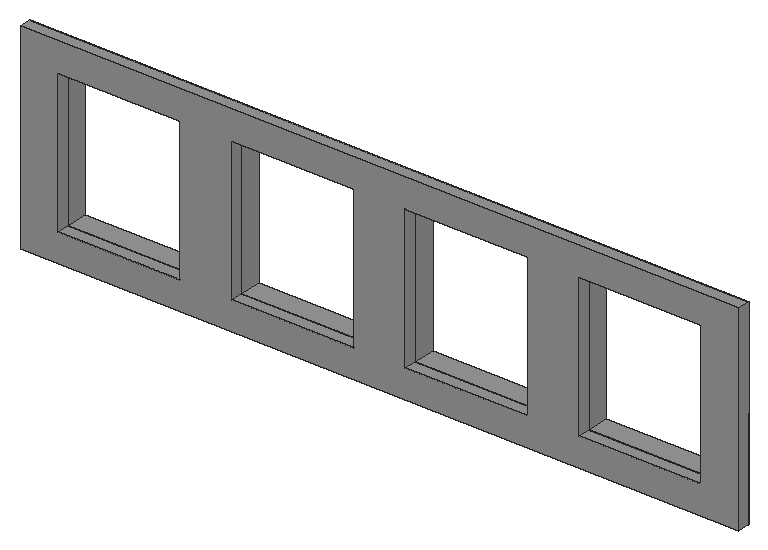
Revit family "IEK_РамкаЧетырехместная_Горизонтальная_IP20_КВАРТА", category Обобщенные модели, Revit 2019
Family settings
  Может служить основой для арматурных стержней = Нет
  Размер круглого соединителя = Использовать диаметр
  Тип детали = Нормальный
  На основе рабочей плоскости = Нет
  Всегда вертикально = Да
  При загрузке вырезать с полостями = Нет
  Общий = Нет
  Точка расчета площади = Нет
Parameters (values of type "РГ-4-ККм")
  Ширина = 296 mm  # constant formula
  Степень защиты = "IP20"  # constant formula
  Изготовитель = "IEK"  # constant formula
  Дата изменения = ""
  Высота = 81 mm  # constant formula
  KSI_CPr_Строительные изделия = ""
  KSI_CMa_Строительные материалы = "01.7.14.03"  # constant formula
  IEK_Цена за единицу = 119.45
  IEK_Поиск в таблице имен = ""
  IEK_Описание = "Классический дизайн, проверенный временем и востребованный различными категориями потребителей, позволяет устанавливать изделия серии \"КВАРТА\" в квартирах, загородных домах, офисных и производственных помещениях."
  IEK_URL = "https://www.iek.ru/products/catalog/izdeliya_elektroustanovochnye_udliniteli_i_silovye_razemy/elektroustanovochnye_izdeliya/elektroustanovochnye_izdeliya_skrytogo_montazha/elektroustanovochnye_izdeliya_kvarta/elektroustanovochnye_izdeliya_kvarta_tsvet_kremovyy/ramka_4_mestnaya_gorizontalnaya_rg_4_kkm_kvarta_kremovyy_iek"
  ADSK_Примечание = ""
  ADSK_Позиция [instance] = ""
  ADSK_Наименование = "Рамка 4-местная горизонтальная РГ-4-ККм КВАРТА кремовый IEK"
  ADSK_Материал обозначение = ""
  ADSK_Материал наименование = "Пластик"  # constant formula
  ADSK_Материал = Цвет кремовый
  ADSK_Масса = 0.059
  ADSK_Марка = "КВАРТА"  # constant formula
  ADSK_Код изделия = "EMK40-K33-DM"
  ADSK_Завод-изготовитель = "IEK"  # constant formula
  ADSK_Единица измерения = "шт"  # constant formula
  ADSK_Группирование = "III ЭЛЕКТРОУСТАНОВОЧНЫЕ И ЭЛЕКТРОМОНТАЖНЫЕ ИЗДЕЛИЯ"  # constant formula
  ADSK_Версия семейства = "1.0"  # constant formula
  ADSK_Версия Revit = "2019"  # constant formula
  ADSK_URL страницы изделия = "https://www.iek.ru/products/catalog/izdeliya_elektroustanovochnye_udliniteli_i_silovye_razemy/elektroustanovochnye_izdeliya/elektroustanovochnye_izdeliya_skrytogo_montazha/elektroustanovochnye_izdeliya_kvarta/?pagec=100"
Types (3, lengths in mm): name | IEK_Цена за единицу | IEK_URL | ADSK_Наименование | ADSK_Материал | ADSK_Масса | ADSK_Код изделия
  (no name) | 119.45 | "https://www.iek.ru/products/catalog/izdeliya_elektroustanovochnye_udliniteli_i_silovye_razemy/elektroustanovochnye_izdeliya/elektroustanovochnye_izdeliya_skrytogo_montazha/elektroustanovochnye_izdeliya_kvarta/elektroustanovochnye_izdeliya_kvarta_tsvet_kremovyy/ramka_4_mestnaya_gorizontalnaya_rg_4_kkm_kvarta_kremovyy_iek" | "Рамка 4-местная горизонтальная РГ-4-ККм КВАРТА кремовый IEK" | Цвет кремовый | 0.059 | "EMK40-K33-DM"
  РГ-4-КБ | 122.51 | "https://www.iek.ru/products/catalog/izdeliya_elektroustanovochnye_udliniteli_i_silovye_razemy/elektroustanovochnye_izdeliya/elektroustanovochnye_izdeliya_skrytogo_montazha/elektroustanovochnye_izdeliya_kvarta/elektroustanovochnye_izdeliya_kvarta_tsvet_belyy/ramka_4_mestnaya_gorizontalnaya_rg_4_kb_kvarta_belyy_iek" | "Рамка 4-местная горизонтальная РГ-4-КБ КВАРТА белый IEK" | Цвет белый | 0.055 | "EMK40-K01-DM"
  РГ-4-ККм | 119.45 | "https://www.iek.ru/products/catalog/izdeliya_elektroustanovochnye_udliniteli_i_silovye_razemy/elektroustanovochnye_izdeliya/elektroustanovochnye_izdeliya_skrytogo_montazha/elektroustanovochnye_izdeliya_kvarta/elektroustanovochnye_izdeliya_kvarta_tsvet_kremovyy/ramka_4_mestnaya_gorizontalnaya_rg_4_kkm_kvarta_kremovyy_iek" | "Рамка 4-местная горизонтальная РГ-4-ККм КВАРТА кремовый IEK" | Цвет кремовый | 0.059 | "EMK40-K33-DM"
Reference planes
  plane 1 "По центру (Вперед/Назад)": y = 0
  plane 2: z = 0
  plane 3 "По центру (Влево/Вправо)": x = 0
  plane 4 "Высота ножек": z = 280
  plane 5 "Высота": z = 2081.496
Forms (mm)
  Extrusion 1, solid, detail levels coarse+medium
    sketch origin (-146.75, 0, 40.75) x (0, 0, -1) y (0, 1, 0)
      loop
        line (-40.5, 0) -> (40.5, 0) -> (40.5, 4) -> (-40.5, 4) -> (-40.5, 0)
    from 0 to 296
  Extrusion 2, solid, material "Цвет кремовый" <- "ADSK_Материал", detail levels fine
    sketch origin (0, 0, 40.75) x (-1, 0, 0) y (0, 0, 1)
      loop
        line (-146.75, 40.75) -> (-146.75, -40.75) -> (146.75, -40.75) -> (146.75, 40.75) -> (-146.75, 40.75)
    from 0 to 5
  Blend 3, solid, material "Цвет кремовый" <- "ADSK_Материал", detail levels fine
    base sketch origin (71, 0, 40.75) x (-1, 0, 0) y (0, 0, 1)
      loop
        line (-75.75, 40.75) -> (-75.75, -40.75) -> (0, -40.75) -> (0, 40.75) -> (-75.75, 40.75)
    top sketch origin (71, 0, 40.75) x (-1, 0, 0) y (0, 0, 1)
      loop
        line (-10.5, -29) -> (-10.5, 29) -> (-60.5, 29) -> (-60.5, -29) -> (-10.5, -29)
    from 5 to 14
  Extrusion 4, void
    sketch origin (71, 0, 40.75) x (-1, 0, 0) y (0, 0, 1)
      loop
        line (-60.5, 29) -> (-60.5, -29) -> (-10.5, -29) -> (-10.5, 29) -> (-60.5, 29)
      loop
        line (10.5, 29) -> (10.5, -29) -> (60.5, -29) -> (60.5, 29) -> (10.5, 29)
      loop
        line (81.5, 29) -> (81.5, -29) -> (131.5, -29) -> (131.5, 29) -> (81.5, 29)
      loop
        line (152.5, -29) -> (202.5, -29) -> (202.5, 29) -> (152.5, 29) -> (152.5, -29)
    from 0 to 14
  Blend 5, solid, material "Цвет кремовый" <- "ADSK_Материал", detail levels fine
    base sketch origin (-71, 0, 40.75) x (1, 0, 0) y (0, 0, -1)
      loop
        line (-75.75, -40.75) -> (0, -40.75) -> (0, 40.75) -> (-75.75, 40.75) -> (-75.75, -40.75)
    top sketch origin (-71, 0, 40.75) x (1, 0, 0) y (0, 0, -1)
      loop
        line (-60.5, 29) -> (-60.5, -29) -> (-10.5, -29) -> (-10.5, 29) -> (-60.5, 29)
    from 5 to 14
  Blend 6, solid, material "Цвет кремовый" <- "ADSK_Материал", detail levels fine
    base sketch origin (0, 0, 40.75) x (-1, 0, 0) y (0, 0, 1)
      loop
        line (-71, 40.75) -> (-71, -40.75) -> (0, -40.75) -> (0, 40.75) -> (-71, 40.75)
    top sketch origin (0, 0, 40.75) x (-1, 0, 0) y (0, 0, 1)
      loop
        line (-10.5, -29) -> (-10.5, 29) -> (-60.5, 29) -> (-60.5, -29) -> (-10.5, -29)
    from 5 to 14
  Blend 7, solid, material "Цвет кремовый" <- "ADSK_Материал", detail levels fine
    base sketch origin (0, 0, 40.75) x (1, 0, 0) y (0, 0, -1)
      loop
        line (-71, -40.75) -> (0, -40.75) -> (0, 40.75) -> (-71, 40.75) -> (-71, -40.75)
    top sketch origin (0, 0, 40.75) x (1, 0, 0) y (0, 0, -1)
      loop
        line (-10.5, 29) -> (-60.5, 29) -> (-60.5, -29) -> (-10.5, -29) -> (-10.5, 29)
    from 5 to 14
Cuts and joins
  Extrusion 4 cuts Extrusion 2
  Extrusion 4 cuts Blend 3
  Extrusion 4 cuts Blend 6
  Extrusion 4 cuts Blend 7
  Extrusion 4 cuts Blend 5
Dimensions and locks
  locked: plane 4 "Высота ножек" to plane 2 at 280
  plane 5 "Высота" to plane 4 "Высота ножек" = 1801.496 mm
  aligned and locked: level to plane 2
